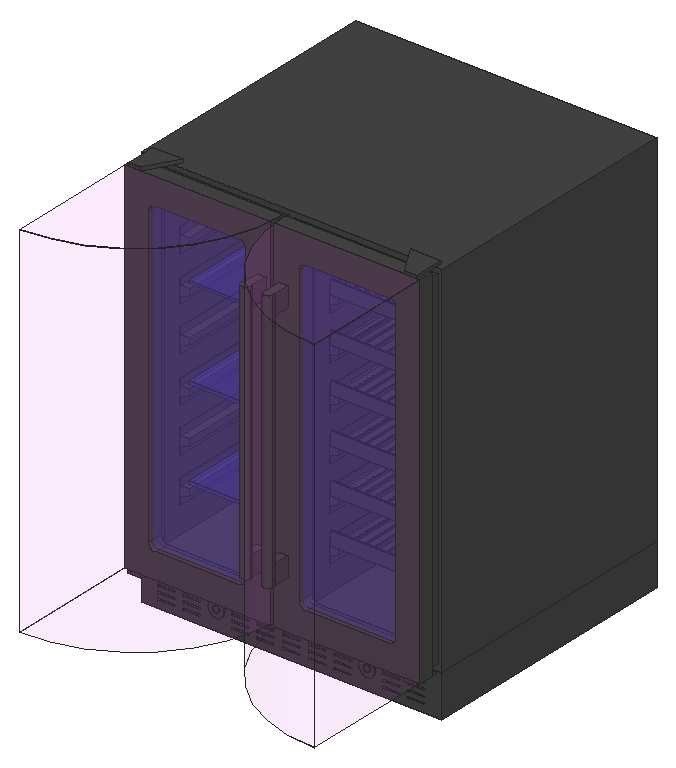
Revit family "QF_Summit_ALFD24WBV_Freestanding_Dual_Zone_Wine", category Specialty Equipment, Revit 2020
Family settings
  Round Connector Dimension = Use Diameter
  Part Type = Normal
  Work Plane-Based = No
  Always vertical = Yes
  Cut with Voids When Loaded = No
  Shared = No
  Room Calculation Point = No
Parameters
  Weight in Pounds = 105
  Watts = Volts * FL Amps  # 115 W
  Volts = 115 V
  URL Cutsheet = ""
  Specification by User = ""
  Specification by Manufacturer = ""
  Show Clearance [instance] = yes
  Serial Number = ""
  Seismic Rating = ""
  SMACNA No = ""
  Revision Code = ""
  Refrigerant Volume = 0.00 kip
  Refrigerant Type = "R600a"
  Phase = 1
  Number of Poles = 1
  NAFEM Spec ID Number = ""
  Model = "ALFD24WBV"
  Min Ckt Ampacity = 0 A
  Max Overcurrent Protection = 0 A
  Masterspec = ""
  Manufacturer = "Summit"
  Length = 23.38"
  Item Number = ""
  Installed By = ""
  Identify Quantity as Lot = yes
  Height = 32"
  HP = ""
  Furnished By = ""
  Foodservice Equipment Identifier = yes
  FL Amps = 1 A
  Electrical Remarks = ""
  Electric Connection Type = ""
  Elec Conn RI Height = 0"
  Elec Conn Connection Height = 0"
  Description = "Freestanding Dual Zone Wine"
  Depth = 22 3/4"
  Default Elevation = 0"
  Cycle = 60 Hz
  Conn Plug = ""
  Conn Conduit = yes
  CSI MasterFormat = ""
  BTUH = 0.0 Btu/h
  Apparent Power = if(Phase = 3, Volts * FL Amps * 1.73, Volts * FL Amps)  # 115 VA
Reference planes (in)
  plane 1 "BACK": y = 0
  plane 2: z = 0
  plane 3 "LEFT": x = 0
  plane 4 "RIGHT": x = 23.38
  plane 5 "FRONT": y = -22.75
  plane 6 "TOP": z = 32
  plane 7 "Center Y": x = 11.69
  plane 8 "Center X": y = -11.375
Dimensions and locks (in)
  equal spacing: plane 3 "LEFT", plane 7 "Center Y", plane 4 "RIGHT"
  "Length": plane 3 "LEFT" to plane 4 "RIGHT"
  equal spacing: plane 5 "FRONT", plane 8 "Center X", plane 1 "BACK"
  "Depth": plane 5 "FRONT" to plane 1 "BACK"
  "Height": plane 6 "TOP" to level
  aligned and locked: level to plane 2
Nested families (in)
  nested 1: "ALFD24WBV" at (0, 0, 0), Show Clearance <- "Show Clearance", type "ALFD24WBV"
    with Show Clearance yes
Connectors (in)
  electrical at (20.4544, 0.03125, 2.13819), driven by "Volts", driven by "Watts"
    settings: on nested 1, index 1, voltage 115 V, apparent load 115 VA, apparent load phase1 0 VA, apparent load phase2 0 VA, apparent load phase3 0 VA, power factor 1, load classification "Other", number of poles 1, system type 30, power factor state 1, is connector primary yes, connector utility no, sub classification motor no, connector description "ELECTRICAL CONNECTION'"
Definition of nested family "ALFD24WBV"
  Parameters (values of type "ALFD24WBV")
    Weight in Pounds = 0
    URL Cutsheet = ""
    Specification by User = ""
    Specification by Manufacturer = ""
    Show Clearance [instance] = yes
    Serial Number = ""
    Seismic Rating = ""
    SMACNA No = ""
    Revision Code = ""
    NAFEM Spec ID Number = ""
    Masterspec = ""
    Length = 23.38"
    Item Number = ""
    Installed By = ""
    Identify Quantity as Lot = yes
    Height = 32"
    Furnished By = ""
    Foodservice Equipment Identifier = yes
    Depth = 22 3/4"
    Default Elevation = 0"
    CSI MasterFormat = ""
  Reference planes (in)
    plane 1 "BACK": y = 0
    plane 2: z = 0
    plane 3 "LEFT": x = 0
    plane 4 "RIGHT": x = 23.38
    plane 5 "FRONT": y = -22.75
    plane 6 "TOP": z = 32
    plane 7 "Center Y": x = 11.69
    plane 8 "Center X": y = -11.375
    plane 9: y = -24.625
    plane 10: y = -33
  Forms (in)
    Extrusion 1, solid
      sketch origin (-4.53419, -180, 0.625) x (-1, 0, 0) y (0, -1, 0)
        loop
          line (-4.53419, -180) -> (-4.53419, -159.125) -> (-27.91419, -159.125) -> (-27.91419, -180) -> (-4.53419, -180)
      from 0 to 3.25
    Extrusion 2, solid
      sketch origin (-4.53419, -180, 3.875) x (-1, 0, 0) y (0, -1, 0)
        loop
          line (-4.53419, -180) -> (-4.53419, -159.125) -> (-27.91419, -159.125) -> (-27.91419, -180) -> (-4.53419, -180)
      from 0 to 28.125
    Extrusion 3, solid
      sketch origin (-4.53419, -180, 3.875) x (-1, 0, 0) y (0, -1, 0)
        loop
          line (-4.75987, -158.40391) -> (-4.75987, -157.25) -> (-16.09919, -157.25) -> (-16.09919, -158.40391) -> (-4.75987, -158.40391)
        loop
          line (-27.67385, -158.40391) -> (-16.34919, -158.40391) -> (-16.34919, -157.25) -> (-27.67385, -157.25) -> (-27.67385, -158.40391)
      from 0 to 28.125
    Extrusion 4, solid
      sketch origin (-4.53419, -180, 4.375) x (-1, 0, 0) y (0, -1, 0)
        loop
          line (-15.97419, -159.125) -> (-4.88487, -159.125) -> (-4.88487, -158.40391) -> (-15.97419, -158.40391) -> (-15.97419, -159.125)
        loop
          line (-16.47419, -159.125) -> (-16.47419, -158.40391) -> (-27.56351, -158.40391) -> (-27.56351, -159.125) -> (-16.47419, -159.125)
      from 0 to 27.22908
    Extrusion 5, void
      sketch origin (-2.37758, -180, 5.24124) x (-1, 0, 0) y (0, -1, 0)
        loop
          arc (-4.58542, -176.55629) -> (-4.23187, -176.40984) -> (-4.08542, -176.05629) r 0.5
          line (-4.08542, -176.05629) -> (-4.08542, -158.40391) -> (-12.39792, -158.40391) -> (-12.39792, -176.55629) -> (-4.58542, -176.55629)
        loop
          line (-23.61224, -176.55629) -> (-15.73724, -176.55629) -> (-15.73724, -158.40391) -> (-24.11224, -158.40391) -> (-24.11224, -176.05629)
          arc (-24.11224, -176.05629) -> (-23.9658, -176.40984) -> (-23.61224, -176.55629) r 0.5
      from 0 to 25.34776
    Extrusion 6, void
      sketch origin (11.26167, -22.75, 3.875) x (1, 0, 0) y (0, 0, -1)
        loop
          line (-8.67728, -26.08924) -> (-2.17728, -26.08924)
          arc (-2.17728, -26.08924) -> (-1.82373, -25.94279) -> (-1.67728, -25.58924) r 0.5
          line (-1.67728, -25.58924) -> (-1.67728, -2.46424)
          arc (-1.67728, -2.46424) -> (-1.82373, -2.11068) -> (-2.17728, -1.96424) r 0.5
          line (-2.17728, -1.96424) -> (-8.67728, -1.96424)
          arc (-8.67728, -1.96424) -> (-9.03084, -2.11068) -> (-9.17728, -2.46424) r 0.5
          line (-9.17728, -2.46424) -> (-9.17728, -25.58924)
          arc (-9.17728, -25.58924) -> (-9.03084, -25.94279) -> (-8.67728, -26.08924) r 0.5
        loop
          arc (9.53394, -26.08924) -> (9.8875, -25.94279) -> (10.03394, -25.58924) r 0.5
          line (10.03394, -25.58924) -> (10.03394, -2.46424)
          arc (10.03394, -2.46424) -> (9.8875, -2.11068) -> (9.53394, -1.96424) r 0.5
          line (9.53394, -1.96424) -> (3.03394, -1.96424)
          arc (3.03394, -1.96424) -> (2.68039, -2.11068) -> (2.53394, -2.46424) r 0.5
          line (2.53394, -2.46424) -> (2.53394, -25.58924)
          arc (2.53394, -25.58924) -> (2.68039, -25.94279) -> (3.03394, -26.08924) r 0.5
          line (3.03394, -26.08924) -> (9.53394, -26.08924)
      from 0 to 1.15391
    Extrusion 7, solid
      sketch origin (0, -19.36326, 36.07583) x (0, 0, 1) y (1, 0, 0)
        loop
          line (-9.35661, 1.70784) -> (-9.35661, 1.83284) -> (-9.85661, 1.83284) -> (-9.85661, 2.51116) -> (-10.35661, 2.51116) -> (-10.6035, 1.83284) -> (-11.19378, 1.83284) -> (-11.19378, 1.70784) -> (-9.35661, 1.70784)
        loop
          line (-12.88786, 1.70784) -> (-12.88786, 1.83284) -> (-13.38786, 1.83284) -> (-13.38786, 2.51116) -> (-13.88786, 2.51116) -> (-14.13475, 1.83284) -> (-14.72503, 1.83284) -> (-14.72503, 1.70784) -> (-12.88786, 1.70784)
        loop
          line (-16.32819, 1.70784) -> (-16.32819, 1.83284) -> (-16.82819, 1.83284) -> (-16.82819, 2.51116) -> (-17.32819, 2.51116) -> (-17.57508, 1.83284) -> (-18.16536, 1.83284) -> (-18.16536, 1.70784) -> (-16.32819, 1.70784)
        loop
          line (-19.89069, 1.70784) -> (-19.89069, 1.83284) -> (-20.39069, 1.83284) -> (-20.39069, 2.51116) -> (-20.89069, 2.51116) -> (-21.13758, 1.83284) -> (-21.72786, 1.83284) -> (-21.72786, 1.70784) -> (-19.89069, 1.70784)
        loop
          line (-23.35944, 1.70784) -> (-23.35944, 1.83284) -> (-23.85944, 1.83284) -> (-23.85944, 2.51116) -> (-24.35944, 2.51116) -> (-24.60633, 1.83284) -> (-25.19661, 1.83284) -> (-25.19661, 1.70784) -> (-23.35944, 1.70784)
        loop
          line (-26.86704, 1.70784) -> (-26.86704, 1.83284) -> (-27.36704, 1.83284) -> (-27.36704, 2.51116) -> (-27.86704, 2.51116) -> (-28.11392, 1.83284) -> (-28.7042, 1.83284) -> (-28.7042, 1.70784) -> (-26.86704, 1.70784)
        loop
          line (-9.35661, 10.02034) -> (-11.19378, 10.02034) -> (-11.19378, 9.89534) -> (-10.6035, 9.89534) -> (-10.35661, 9.21702) -> (-9.85661, 9.21702) -> (-9.85661, 9.89534) -> (-9.35661, 9.89534) -> (-9.35661, 10.02034)
        loop
          line (-12.88786, 10.02034) -> (-14.72503, 10.02034) -> (-14.72503, 9.89534) -> (-14.13475, 9.89534) -> (-13.88786, 9.21702) -> (-13.38786, 9.21702) -> (-13.38786, 9.89534) -> (-12.88786, 9.89534) -> (-12.88786, 10.02034)
        loop
          line (-16.32819, 10.02034) -> (-18.16536, 10.02034) -> (-18.16536, 9.89534) -> (-17.57508, 9.89534) -> (-17.32819, 9.21702) -> (-16.82819, 9.21702) -> (-16.82819, 9.89534) -> (-16.32819, 9.89534) -> (-16.32819, 10.02034)
        loop
          line (-19.89069, 10.02034) -> (-21.72786, 10.02034) -> (-21.72786, 9.89534) -> (-21.13758, 9.89534) -> (-20.89069, 9.21702) -> (-20.39069, 9.21702) -> (-20.39069, 9.89534) -> (-19.89069, 9.89534) -> (-19.89069, 10.02034)
        loop
          line (-23.35944, 10.02034) -> (-25.19661, 10.02034) -> (-25.19661, 9.89534) -> (-24.60633, 9.89534) -> (-24.35944, 9.21702) -> (-23.85944, 9.21702) -> (-23.85944, 9.89534) -> (-23.35944, 9.89534) -> (-23.35944, 10.02034)
        loop
          line (-26.86704, 10.02034) -> (-28.7042, 10.02034) -> (-28.7042, 9.89534) -> (-28.11392, 9.89534) -> (-27.86704, 9.21702) -> (-27.36704, 9.21702) -> (-27.36704, 9.89534) -> (-26.86704, 9.89534) -> (-26.86704, 10.02034)
        loop
          line (-9.35661, 21.73466) -> (-11.19378, 21.73466) -> (-11.19378, 21.60966) -> (-10.6035, 21.60966) -> (-10.35661, 20.93134) -> (-9.85661, 20.93134) -> (-9.85661, 21.60966) -> (-9.35661, 21.60966) -> (-9.35661, 21.73466)
        loop
          line (-12.88786, 21.73466) -> (-14.72503, 21.73466) -> (-14.72503, 21.60966) -> (-14.13475, 21.60966) -> (-13.88786, 20.93134) -> (-13.38786, 20.93134) -> (-13.38786, 21.60966) -> (-12.88786, 21.60966) -> (-12.88786, 21.73466)
        loop
          line (-16.32819, 21.73466) -> (-18.16536, 21.73466) -> (-18.16536, 21.60966) -> (-17.57508, 21.60966) -> (-17.32819, 20.93134) -> (-16.82819, 20.93134) -> (-16.82819, 21.60966) -> (-16.32819, 21.60966) -> (-16.32819, 21.73466)
        loop
          line (-19.89069, 21.73466) -> (-21.72786, 21.73466) -> (-21.72786, 21.60966) -> (-21.13758, 21.60966) -> (-20.89069, 20.93134) -> (-20.39069, 20.93134) -> (-20.39069, 21.60966) -> (-19.89069, 21.60966) -> (-19.89069, 21.73466)
        loop
          line (-23.35944, 21.73466) -> (-25.19661, 21.73466) -> (-25.19661, 21.60966) -> (-24.60633, 21.60966) -> (-24.35944, 20.93134) -> (-23.85944, 20.93134) -> (-23.85944, 21.60966) -> (-23.35944, 21.60966) -> (-23.35944, 21.73466)
        loop
          line (-26.86704, 21.73466) -> (-28.7042, 21.73466) -> (-28.7042, 21.60966) -> (-28.11392, 21.60966) -> (-27.86704, 20.93134) -> (-27.36704, 20.93134) -> (-27.36704, 21.60966) -> (-26.86704, 21.60966) -> (-26.86704, 21.73466)
        loop
          line (-9.35661, 13.35966) -> (-9.35661, 13.48466) -> (-9.85661, 13.48466) -> (-9.85661, 14.16298) -> (-10.35661, 14.16298) -> (-10.6035, 13.48466) -> (-11.19378, 13.48466) -> (-11.19378, 13.35966) -> (-9.35661, 13.35966)
        loop
          line (-12.88786, 13.35966) -> (-12.88786, 13.48466) -> (-13.38786, 13.48466) -> (-13.38786, 14.16298) -> (-13.88786, 14.16298) -> (-14.13475, 13.48466) -> (-14.72503, 13.48466) -> (-14.72503, 13.35966) -> (-12.88786, 13.35966)
        loop
          line (-16.32819, 13.35966) -> (-16.32819, 13.48466) -> (-16.82819, 13.48466) -> (-16.82819, 14.16298) -> (-17.32819, 14.16298) -> (-17.57508, 13.48466) -> (-18.16536, 13.48466) -> (-18.16536, 13.35966) -> (-16.32819, 13.35966)
        loop
          line (-19.89069, 13.35966) -> (-19.89069, 13.48466) -> (-20.39069, 13.48466) -> (-20.39069, 14.16298) -> (-20.89069, 14.16298) -> (-21.13758, 13.48466) -> (-21.72786, 13.48466) -> (-21.72786, 13.35966) -> (-19.89069, 13.35966)
        loop
          line (-23.35944, 13.35966) -> (-23.35944, 13.48466) -> (-23.85944, 13.48466) -> (-23.85944, 14.16298) -> (-24.35944, 14.16298) -> (-24.60633, 13.48466) -> (-25.19661, 13.48466) -> (-25.19661, 13.35966) -> (-23.35944, 13.35966)
        loop
          line (-26.86704, 13.35966) -> (-26.86704, 13.48466) -> (-27.36704, 13.48466) -> (-27.36704, 14.16298) -> (-27.86704, 14.16298) -> (-28.11392, 13.48466) -> (-28.7042, 13.48466) -> (-28.7042, 13.35966) -> (-26.86704, 13.35966)
      from 0 to 14.42973
    Extrusion 8, solid
      sketch origin (1.83284, -19.36326, 22.68796) x (1, 0, 0) y (0, 1, 0)
        loop
          line (0.30712, 13.90637) -> (0.30712, 0.40637) -> (7.80712, 0.40637) -> (7.80712, 13.90637) -> (0.30712, 13.90637)
      from 0 to 0.25
    Extrusion 9, solid
      sketch origin (1.83284, -19.36326, 15.68513) x (1, 0, 0) y (0, 1, 0)
        loop
          line (0.30712, 13.90637) -> (0.30712, 0.40637) -> (7.80712, 0.40637) -> (7.80712, 13.90637) -> (0.30712, 13.90637)
      from 0 to 0.25
    Extrusion 10, solid
      sketch origin (1.83284, -19.36326, 8.70879) x (1, 0, 0) y (0, 1, 0)
        loop
          line (0.30712, 13.90637) -> (0.30712, 0.40637) -> (7.80712, 0.40637) -> (7.80712, 13.90637) -> (0.30712, 13.90637)
      from 0 to 0.25
    Extrusion 11, solid
      sketch origin (0, -19.36326, 36.07583) x (0, 0, -1) y (1, 0, 0)
        loop
          line (13.38786, 13.57412) -> (13.38786, 21.48466) -> (12.37101, 21.48466) -> (12.37101, 13.57412) -> (13.38786, 13.57412)
        loop
          line (16.82819, 13.57412) -> (16.82819, 21.48466) -> (15.87384, 21.48466) -> (15.87384, 13.57412) -> (16.82819, 13.57412)
        loop
          line (20.39069, 13.57412) -> (20.39069, 21.48466) -> (19.37384, 21.48466) -> (19.37384, 13.57412) -> (20.39069, 13.57412)
        loop
          line (23.85944, 13.57412) -> (23.85944, 21.48466) -> (22.84259, 21.48466) -> (22.84259, 13.57412) -> (23.85944, 13.57412)
        loop
          line (27.36704, 13.57412) -> (27.36704, 21.48466) -> (26.35018, 21.48466) -> (26.35018, 13.57412) -> (27.36704, 13.57412)
        loop
          line (9.85661, 13.57412) -> (9.85661, 21.48466) -> (8.83976, 21.48466) -> (8.83976, 13.57412) -> (9.85661, 13.57412)
      from 0 to 0.125
    Extrusion 12, solid
      sketch origin (13.48466, -19.36326, 22.68796) x (0, -1, 0) y (-1, 0, 0)
        loop
          line (-14.42973, -0.33916) -> (-14.42973, -0.83941) -> (0, -0.83941) -> (0, -0.33916) -> (-14.42973, -0.33916)
        loop
          line (-14.42973, -1.08916) -> (-14.42973, -1.58941) -> (0, -1.58941) -> (0, -1.08916) -> (-14.42973, -1.08916)
        loop
          line (-14.42973, -1.83916) -> (-14.42973, -2.33941) -> (0, -2.33941) -> (0, -1.83916) -> (-14.42973, -1.83916)
        loop
          line (-14.42973, -2.77666) -> (-14.42973, -3.27691) -> (0, -3.27691) -> (0, -2.77666) -> (-14.42973, -2.77666)
        loop
          line (-14.42973, -3.52666) -> (-14.42973, -4.02691) -> (0, -4.02691) -> (0, -3.52666) -> (-14.42973, -3.52666)
        loop
          line (-14.42973, -4.27666) -> (-14.42973, -4.77691) -> (0, -4.77691) -> (0, -4.27666) -> (-14.42973, -4.27666)
        loop
          line (-14.42973, -5.02666) -> (-14.42973, -5.52691) -> (0, -5.52691) -> (0, -5.02666) -> (-14.42973, -5.02666)
        loop
          line (-14.42973, -5.77666) -> (-14.42973, -6.27691) -> (0, -6.27691) -> (0, -5.77666) -> (-14.42973, -5.77666)
        loop
          line (-14.42973, -6.52666) -> (-14.42973, -7.02691) -> (0, -7.02691) -> (0, -6.52666) -> (-14.42973, -6.52666)
        loop
          line (-14.42973, -7.27666) -> (-14.42973, -7.77691) -> (0, -7.77691) -> (0, -7.27666) -> (-14.42973, -7.27666)
      from 0 to -0.0625
    Extrusion 13, solid
      sketch origin (13.48466, -19.36326, 26.21921) x (0, -1, 0) y (-1, 0, 0)
        loop
          line (-14.42973, -0.33916) -> (-14.42973, -0.83941) -> (0, -0.83941) -> (0, -0.33916) -> (-14.42973, -0.33916)
        loop
          line (-14.42973, -1.08916) -> (-14.42973, -1.58941) -> (0, -1.58941) -> (0, -1.08916) -> (-14.42973, -1.08916)
        loop
          line (-14.42973, -1.83916) -> (-14.42973, -2.33941) -> (0, -2.33941) -> (0, -1.83916) -> (-14.42973, -1.83916)
        loop
          line (-14.42973, -2.77666) -> (-14.42973, -3.27691) -> (0, -3.27691) -> (0, -2.77666) -> (-14.42973, -2.77666)
        loop
          line (-14.42973, -3.52666) -> (-14.42973, -4.02691) -> (0, -4.02691) -> (0, -3.52666) -> (-14.42973, -3.52666)
        loop
          line (-14.42973, -4.27666) -> (-14.42973, -4.77691) -> (0, -4.77691) -> (0, -4.27666) -> (-14.42973, -4.27666)
        loop
          line (-14.42973, -5.02666) -> (-14.42973, -5.52691) -> (0, -5.52691) -> (0, -5.02666) -> (-14.42973, -5.02666)
        loop
          line (-14.42973, -5.77666) -> (-14.42973, -6.27691) -> (0, -6.27691) -> (0, -5.77666) -> (-14.42973, -5.77666)
        loop
          line (-14.42973, -6.52666) -> (-14.42973, -7.02691) -> (0, -7.02691) -> (0, -6.52666) -> (-14.42973, -6.52666)
        loop
          line (-14.42973, -7.27666) -> (-14.42973, -7.77691) -> (0, -7.77691) -> (0, -7.27666) -> (-14.42973, -7.27666)
      from 0 to -0.0625
    Extrusion 14, solid
      sketch origin (13.48466, -19.36326, 19.24763) x (0, -1, 0) y (-1, 0, 0)
        loop
          line (-14.42973, -0.33916) -> (-14.42973, -0.83941) -> (0, -0.83941) -> (0, -0.33916) -> (-14.42973, -0.33916)
        loop
          line (-14.42973, -1.08916) -> (-14.42973, -1.58941) -> (0, -1.58941) -> (0, -1.08916) -> (-14.42973, -1.08916)
        loop
          line (-14.42973, -1.83916) -> (-14.42973, -2.33941) -> (0, -2.33941) -> (0, -1.83916) -> (-14.42973, -1.83916)
        loop
          line (-14.42973, -2.77666) -> (-14.42973, -3.27691) -> (0, -3.27691) -> (0, -2.77666) -> (-14.42973, -2.77666)
        loop
          line (-14.42973, -3.52666) -> (-14.42973, -4.02691) -> (0, -4.02691) -> (0, -3.52666) -> (-14.42973, -3.52666)
        loop
          line (-14.42973, -4.27666) -> (-14.42973, -4.77691) -> (0, -4.77691) -> (0, -4.27666) -> (-14.42973, -4.27666)
        loop
          line (-14.42973, -5.02666) -> (-14.42973, -5.52691) -> (0, -5.52691) -> (0, -5.02666) -> (-14.42973, -5.02666)
        loop
          line (-14.42973, -5.77666) -> (-14.42973, -6.27691) -> (0, -6.27691) -> (0, -5.77666) -> (-14.42973, -5.77666)
        loop
          line (-14.42973, -6.52666) -> (-14.42973, -7.02691) -> (0, -7.02691) -> (0, -6.52666) -> (-14.42973, -6.52666)
        loop
          line (-14.42973, -7.27666) -> (-14.42973, -7.77691) -> (0, -7.77691) -> (0, -7.27666) -> (-14.42973, -7.27666)
      from 0 to -0.0625
    Extrusion 15, solid
      sketch origin (13.48466, -19.36326, 15.68513) x (0, -1, 0) y (-1, 0, 0)
        loop
          line (-14.42973, -0.33916) -> (-14.42973, -0.83941) -> (0, -0.83941) -> (0, -0.33916) -> (-14.42973, -0.33916)
        loop
          line (-14.42973, -1.08916) -> (-14.42973, -1.58941) -> (0, -1.58941) -> (0, -1.08916) -> (-14.42973, -1.08916)
        loop
          line (-14.42973, -1.83916) -> (-14.42973, -2.33941) -> (0, -2.33941) -> (0, -1.83916) -> (-14.42973, -1.83916)
        loop
          line (-14.42973, -2.77666) -> (-14.42973, -3.27691) -> (0, -3.27691) -> (0, -2.77666) -> (-14.42973, -2.77666)
        loop
          line (-14.42973, -3.52666) -> (-14.42973, -4.02691) -> (0, -4.02691) -> (0, -3.52666) -> (-14.42973, -3.52666)
        loop
          line (-14.42973, -4.27666) -> (-14.42973, -4.77691) -> (0, -4.77691) -> (0, -4.27666) -> (-14.42973, -4.27666)
        loop
          line (-14.42973, -5.02666) -> (-14.42973, -5.52691) -> (0, -5.52691) -> (0, -5.02666) -> (-14.42973, -5.02666)
        loop
          line (-14.42973, -5.77666) -> (-14.42973, -6.27691) -> (0, -6.27691) -> (0, -5.77666) -> (-14.42973, -5.77666)
        loop
          line (-14.42973, -6.52666) -> (-14.42973, -7.02691) -> (0, -7.02691) -> (0, -6.52666) -> (-14.42973, -6.52666)
        loop
          line (-14.42973, -7.27666) -> (-14.42973, -7.77691) -> (0, -7.77691) -> (0, -7.27666) -> (-14.42973, -7.27666)
      from 0 to -0.0625
    Extrusion 16, solid
      sketch origin (13.48466, -19.36326, 12.21638) x (0, -1, 0) y (-1, 0, 0)
        loop
          line (-14.42973, -0.33916) -> (-14.42973, -0.83941) -> (0, -0.83941) -> (0, -0.33916) -> (-14.42973, -0.33916)
        loop
          line (-14.42973, -1.08916) -> (-14.42973, -1.58941) -> (0, -1.58941) -> (0, -1.08916) -> (-14.42973, -1.08916)
        loop
          line (-14.42973, -1.83916) -> (-14.42973, -2.33941) -> (0, -2.33941) -> (0, -1.83916) -> (-14.42973, -1.83916)
        loop
          line (-14.42973, -2.77666) -> (-14.42973, -3.27691) -> (0, -3.27691) -> (0, -2.77666) -> (-14.42973, -2.77666)
        loop
          line (-14.42973, -3.52666) -> (-14.42973, -4.02691) -> (0, -4.02691) -> (0, -3.52666) -> (-14.42973, -3.52666)
        loop
          line (-14.42973, -4.27666) -> (-14.42973, -4.77691) -> (0, -4.77691) -> (0, -4.27666) -> (-14.42973, -4.27666)
        loop
          line (-14.42973, -5.02666) -> (-14.42973, -5.52691) -> (0, -5.52691) -> (0, -5.02666) -> (-14.42973, -5.02666)
        loop
          line (-14.42973, -5.77666) -> (-14.42973, -6.27691) -> (0, -6.27691) -> (0, -5.77666) -> (-14.42973, -5.77666)
        loop
          line (-14.42973, -6.52666) -> (-14.42973, -7.02691) -> (0, -7.02691) -> (0, -6.52666) -> (-14.42973, -6.52666)
        loop
          line (-14.42973, -7.27666) -> (-14.42973, -7.77691) -> (0, -7.77691) -> (0, -7.27666) -> (-14.42973, -7.27666)
      from 0 to -0.0625
    Extrusion 17, solid
      sketch origin (13.48466, -19.36326, 8.70879) x (0, -1, 0) y (-1, 0, 0)
        loop
          line (-14.42973, -0.33916) -> (-14.42973, -0.83941) -> (0, -0.83941) -> (0, -0.33916) -> (-14.42973, -0.33916)
        loop
          line (-14.42973, -1.08916) -> (-14.42973, -1.58941) -> (0, -1.58941) -> (0, -1.08916) -> (-14.42973, -1.08916)
        loop
          line (-14.42973, -1.83916) -> (-14.42973, -2.33941) -> (0, -2.33941) -> (0, -1.83916) -> (-14.42973, -1.83916)
        loop
          line (-14.42973, -2.77666) -> (-14.42973, -3.27691) -> (0, -3.27691) -> (0, -2.77666) -> (-14.42973, -2.77666)
        loop
          line (-14.42973, -3.52666) -> (-14.42973, -4.02691) -> (0, -4.02691) -> (0, -3.52666) -> (-14.42973, -3.52666)
        loop
          line (-14.42973, -4.27666) -> (-14.42973, -4.77691) -> (0, -4.77691) -> (0, -4.27666) -> (-14.42973, -4.27666)
        loop
          line (-14.42973, -5.02666) -> (-14.42973, -5.52691) -> (0, -5.52691) -> (0, -5.02666) -> (-14.42973, -5.02666)
        loop
          line (-14.42973, -5.77666) -> (-14.42973, -6.27691) -> (0, -6.27691) -> (0, -5.77666) -> (-14.42973, -5.77666)
        loop
          line (-14.42973, -6.52666) -> (-14.42973, -7.02691) -> (0, -7.02691) -> (0, -6.52666) -> (-14.42973, -6.52666)
        loop
          line (-14.42973, -7.27666) -> (-14.42973, -7.77691) -> (0, -7.77691) -> (0, -7.27666) -> (-14.42973, -7.27666)
      from 0 to -0.0625
    Extrusion 18, solid
      sketch origin (0, -22.17304, 32) x (0, 0, 1) y (1, 0, 0)
        loop
          line (-26.16076, 9.08439) -> (-26.16076, 2.58439)
          arc (-26.16076, 2.58439) -> (-26.01432, 2.23083) -> (-25.66076, 2.08439) r 0.5
          line (-25.66076, 2.08439) -> (-2.53576, 2.08439)
          arc (-2.53576, 2.08439) -> (-2.18221, 2.23083) -> (-2.03576, 2.58439) r 0.5
          line (-2.03576, 2.58439) -> (-2.03576, 9.08439)
          arc (-2.03576, 9.08439) -> (-2.18221, 9.43794) -> (-2.53576, 9.58439) r 0.5
          line (-2.53576, 9.58439) -> (-25.66076, 9.58439)
          arc (-25.66076, 9.58439) -> (-26.01432, 9.43794) -> (-26.16076, 9.08439) r 0.5
        loop
          line (-26.16076, 20.79561) -> (-26.16076, 14.29561)
          arc (-26.16076, 14.29561) -> (-26.01432, 13.94206) -> (-25.66076, 13.79561) r 0.5
          line (-25.66076, 13.79561) -> (-2.53576, 13.79561)
          arc (-2.53576, 13.79561) -> (-2.18221, 13.94206) -> (-2.03576, 14.29561) r 0.5
          line (-2.03576, 14.29561) -> (-2.03576, 20.79561)
          arc (-2.03576, 20.79561) -> (-2.18221, 21.14917) -> (-2.53576, 21.29561) r 0.5
          line (-2.53576, 21.29561) -> (-25.66076, 21.29561)
          arc (-25.66076, 21.29561) -> (-26.01432, 21.14917) -> (-26.16076, 20.79561) r 0.5
      from -0.25 to 0.25
    Extrusion 19, void
      sketch origin (23.38, -20.875, 0.625) x (1, 0, 0) y (0, 0, -1)
        loop
          line (-22.05165, -2.73904) -> (-20.82664, -2.73904)
          arc (-20.82664, -2.73904) -> (-20.73289, -2.64529) -> (-20.82664, -2.55154) r 0.09375
          line (-20.82664, -2.55154) -> (-22.05165, -2.55154)
          arc (-22.05165, -2.55154) -> (-22.1454, -2.64529) -> (-22.05165, -2.73904) r 0.09375
        loop
          line (-22.05165, -2.23904) -> (-20.82664, -2.23904)
          arc (-20.82664, -2.23904) -> (-20.73289, -2.14529) -> (-20.82664, -2.05154) r 0.09375
          line (-20.82664, -2.05154) -> (-22.05165, -2.05154)
          arc (-22.05165, -2.05154) -> (-22.1454, -2.14529) -> (-22.05165, -2.23904) r 0.09375
        loop
          line (-22.05165, -1.73904) -> (-20.82664, -1.73904)
          arc (-20.82664, -1.73904) -> (-20.73289, -1.64529) -> (-20.82664, -1.55154) r 0.09375
          line (-20.82664, -1.55154) -> (-22.05165, -1.55154)
          arc (-22.05165, -1.55154) -> (-22.1454, -1.64529) -> (-22.05165, -1.73904) r 0.09375
        loop
          line (-22.05165, -1.23904) -> (-20.82664, -1.23904)
          arc (-20.82664, -1.23904) -> (-20.73289, -1.14529) -> (-20.82664, -1.05154) r 0.09375
          line (-20.82664, -1.05154) -> (-22.05165, -1.05154)
          arc (-22.05165, -1.05154) -> (-22.1454, -1.14529) -> (-22.05165, -1.23904) r 0.09375
        loop
          line (-22.05165, -0.73904) -> (-20.82664, -0.73904)
          arc (-20.82664, -0.73904) -> (-20.73289, -0.64529) -> (-20.82664, -0.55154) r 0.09375
          line (-20.82664, -0.55154) -> (-22.05165, -0.55154)
          arc (-22.05165, -0.55154) -> (-22.1454, -0.64529) -> (-22.05165, -0.73904) r 0.09375
        loop
          line (-20.05165, -2.73904) -> (-18.82664, -2.73904)
          arc (-18.82664, -2.73904) -> (-18.73289, -2.64529) -> (-18.82664, -2.55154) r 0.09375
          line (-18.82664, -2.55154) -> (-20.05165, -2.55154)
          arc (-20.05165, -2.55154) -> (-20.1454, -2.64529) -> (-20.05165, -2.73904) r 0.09375
        loop
          line (-20.05165, -2.23904) -> (-18.82664, -2.23904)
          arc (-18.82664, -2.23904) -> (-18.73289, -2.14529) -> (-18.82664, -2.05154) r 0.09375
          line (-18.82664, -2.05154) -> (-20.05165, -2.05154)
          arc (-20.05165, -2.05154) -> (-20.1454, -2.14529) -> (-20.05165, -2.23904) r 0.09375
        loop
          line (-20.05165, -1.73904) -> (-18.82664, -1.73904)
          arc (-18.82664, -1.73904) -> (-18.73289, -1.64529) -> (-18.82664, -1.55154) r 0.09375
          line (-18.82664, -1.55154) -> (-20.05165, -1.55154)
          arc (-20.05165, -1.55154) -> (-20.1454, -1.64529) -> (-20.05165, -1.73904) r 0.09375
        loop
          line (-20.05165, -1.23904) -> (-18.82664, -1.23904)
          arc (-18.82664, -1.23904) -> (-18.73289, -1.14529) -> (-18.82664, -1.05154) r 0.09375
          line (-18.82664, -1.05154) -> (-20.05165, -1.05154)
          arc (-20.05165, -1.05154) -> (-20.1454, -1.14529) -> (-20.05165, -1.23904) r 0.09375
        loop
          line (-20.05165, -0.73904) -> (-18.82664, -0.73904)
          arc (-18.82664, -0.73904) -> (-18.73289, -0.64529) -> (-18.82664, -0.55154) r 0.09375
          line (-18.82664, -0.55154) -> (-20.05165, -0.55154)
          arc (-20.05165, -0.55154) -> (-20.1454, -0.64529) -> (-20.05165, -0.73904) r 0.09375
        loop
          line (-16.30165, -2.73904) -> (-15.07664, -2.73904)
          arc (-15.07664, -2.73904) -> (-14.98289, -2.64529) -> (-15.07664, -2.55154) r 0.09375
          line (-15.07664, -2.55154) -> (-16.30165, -2.55154)
          arc (-16.30165, -2.55154) -> (-16.3954, -2.64529) -> (-16.30165, -2.73904) r 0.09375
        loop
          line (-16.30165, -2.23904) -> (-15.07664, -2.23904)
          arc (-15.07664, -2.23904) -> (-14.98289, -2.14529) -> (-15.07664, -2.05154) r 0.09375
          line (-15.07664, -2.05154) -> (-16.30165, -2.05154)
          arc (-16.30165, -2.05154) -> (-16.3954, -2.14529) -> (-16.30165, -2.23904) r 0.09375
        loop
          line (-16.30165, -1.73904) -> (-15.07664, -1.73904)
          arc (-15.07664, -1.73904) -> (-14.98289, -1.64529) -> (-15.07664, -1.55154) r 0.09375
          line (-15.07664, -1.55154) -> (-16.30165, -1.55154)
          arc (-16.30165, -1.55154) -> (-16.3954, -1.64529) -> (-16.30165, -1.73904) r 0.09375
        loop
          line (-16.30165, -1.23904) -> (-15.07664, -1.23904)
          arc (-15.07664, -1.23904) -> (-14.98289, -1.14529) -> (-15.07664, -1.05154) r 0.09375
          line (-15.07664, -1.05154) -> (-16.30165, -1.05154)
          arc (-16.30165, -1.05154) -> (-16.3954, -1.14529) -> (-16.30165, -1.23904) r 0.09375
        loop
          line (-16.30165, -0.73904) -> (-15.07664, -0.73904)
          arc (-15.07664, -0.73904) -> (-14.98289, -0.64529) -> (-15.07664, -0.55154) r 0.09375
          line (-15.07664, -0.55154) -> (-16.30165, -0.55154)
          arc (-16.30165, -0.55154) -> (-16.3954, -0.64529) -> (-16.30165, -0.73904) r 0.09375
        loop
          line (-14.30165, -2.73904) -> (-13.07664, -2.73904)
          arc (-13.07664, -2.73904) -> (-12.98289, -2.64529) -> (-13.07664, -2.55154) r 0.09375
          line (-13.07664, -2.55154) -> (-14.30165, -2.55154)
          arc (-14.30165, -2.55154) -> (-14.3954, -2.64529) -> (-14.30165, -2.73904) r 0.09375
        loop
          line (-14.30165, -2.23904) -> (-13.07664, -2.23904)
          arc (-13.07664, -2.23904) -> (-12.98289, -2.14529) -> (-13.07664, -2.05154) r 0.09375
          line (-13.07664, -2.05154) -> (-14.30165, -2.05154)
          arc (-14.30165, -2.05154) -> (-14.3954, -2.14529) -> (-14.30165, -2.23904) r 0.09375
        loop
          line (-14.30165, -1.73904) -> (-13.07664, -1.73904)
          arc (-13.07664, -1.73904) -> (-12.98289, -1.64529) -> (-13.07664, -1.55154) r 0.09375
          line (-13.07664, -1.55154) -> (-14.30165, -1.55154)
          arc (-14.30165, -1.55154) -> (-14.3954, -1.64529) -> (-14.30165, -1.73904) r 0.09375
        loop
          line (-14.30165, -1.23904) -> (-13.07664, -1.23904)
          arc (-13.07664, -1.23904) -> (-12.98289, -1.14529) -> (-13.07664, -1.05154) r 0.09375
          line (-13.07664, -1.05154) -> (-14.30165, -1.05154)
          arc (-14.30165, -1.05154) -> (-14.3954, -1.14529) -> (-14.30165, -1.23904) r 0.09375
        loop
          line (-14.30165, -0.73904) -> (-13.07664, -0.73904)
          arc (-13.07664, -0.73904) -> (-12.98289, -0.64529) -> (-13.07664, -0.55154) r 0.09375
          line (-13.07664, -0.55154) -> (-14.30165, -0.55154)
          arc (-14.30165, -0.55154) -> (-14.3954, -0.64529) -> (-14.30165, -0.73904) r 0.09375
        loop
          line (-10.30165, -2.73904) -> (-9.07664, -2.73904)
          arc (-9.07664, -2.73904) -> (-8.98289, -2.64529) -> (-9.07664, -2.55154) r 0.09375
          line (-9.07664, -2.55154) -> (-10.30165, -2.55154)
          arc (-10.30165, -2.55154) -> (-10.3954, -2.64529) -> (-10.30165, -2.73904) r 0.09375
        loop
          line (-10.30165, -2.23904) -> (-9.07664, -2.23904)
          arc (-9.07664, -2.23904) -> (-8.98289, -2.14529) -> (-9.07664, -2.05154) r 0.09375
          line (-9.07664, -2.05154) -> (-10.30165, -2.05154)
          arc (-10.30165, -2.05154) -> (-10.3954, -2.14529) -> (-10.30165, -2.23904) r 0.09375
        loop
          line (-10.30165, -1.73904) -> (-9.07664, -1.73904)
          arc (-9.07664, -1.73904) -> (-8.98289, -1.64529) -> (-9.07664, -1.55154) r 0.09375
          line (-9.07664, -1.55154) -> (-10.30165, -1.55154)
          arc (-10.30165, -1.55154) -> (-10.3954, -1.64529) -> (-10.30165, -1.73904) r 0.09375
        loop
          line (-10.30165, -1.23904) -> (-9.07664, -1.23904)
          arc (-9.07664, -1.23904) -> (-8.98289, -1.14529) -> (-9.07664, -1.05154) r 0.09375
          line (-9.07664, -1.05154) -> (-10.30165, -1.05154)
          arc (-10.30165, -1.05154) -> (-10.3954, -1.14529) -> (-10.30165, -1.23904) r 0.09375
        loop
          line (-10.30165, -0.73904) -> (-9.07664, -0.73904)
          arc (-9.07664, -0.73904) -> (-8.98289, -0.64529) -> (-9.07664, -0.55154) r 0.09375
          line (-9.07664, -0.55154) -> (-10.30165, -0.55154)
          arc (-10.30165, -0.55154) -> (-10.3954, -0.64529) -> (-10.30165, -0.73904) r 0.09375
        loop
          line (-8.30165, -2.73904) -> (-7.07664, -2.73904)
          arc (-7.07664, -2.73904) -> (-6.98289, -2.64529) -> (-7.07664, -2.55154) r 0.09375
          line (-7.07664, -2.55154) -> (-8.30165, -2.55154)
          arc (-8.30165, -2.55154) -> (-8.3954, -2.64529) -> (-8.30165, -2.73904) r 0.09375
        loop
          line (-8.30165, -2.23904) -> (-7.07664, -2.23904)
          arc (-7.07664, -2.23904) -> (-6.98289, -2.14529) -> (-7.07664, -2.05154) r 0.09375
          line (-7.07664, -2.05154) -> (-8.30165, -2.05154)
          arc (-8.30165, -2.05154) -> (-8.3954, -2.14529) -> (-8.30165, -2.23904) r 0.09375
        loop
          line (-8.30165, -1.73904) -> (-7.07664, -1.73904)
          arc (-7.07664, -1.73904) -> (-6.98289, -1.64529) -> (-7.07664, -1.55154) r 0.09375
          line (-7.07664, -1.55154) -> (-8.30165, -1.55154)
          arc (-8.30165, -1.55154) -> (-8.3954, -1.64529) -> (-8.30165, -1.73904) r 0.09375
        loop
          line (-8.30165, -1.23904) -> (-7.07664, -1.23904)
          arc (-7.07664, -1.23904) -> (-6.98289, -1.14529) -> (-7.07664, -1.05154) r 0.09375
          line (-7.07664, -1.05154) -> (-8.30165, -1.05154)
          arc (-8.30165, -1.05154) -> (-8.3954, -1.14529) -> (-8.30165, -1.23904) r 0.09375
        loop
          line (-8.30165, -0.73904) -> (-7.07664, -0.73904)
          arc (-7.07664, -0.73904) -> (-6.98289, -0.64529) -> (-7.07664, -0.55154) r 0.09375
          line (-7.07664, -0.55154) -> (-8.30165, -0.55154)
          arc (-8.30165, -0.55154) -> (-8.3954, -0.64529) -> (-8.30165, -0.73904) r 0.09375
        loop
          line (-12.30251, -2.73904) -> (-11.07749, -2.73904)
          arc (-11.07749, -2.73904) -> (-10.98374, -2.64529) -> (-11.07749, -2.55154) r 0.09375
          line (-11.07749, -2.55154) -> (-12.30251, -2.55154)
          arc (-12.30251, -2.55154) -> (-12.39626, -2.64529) -> (-12.30251, -2.73904) r 0.09375
        loop
          line (-12.30251, -2.23904) -> (-11.07749, -2.23904)
          arc (-11.07749, -2.23904) -> (-10.98374, -2.14529) -> (-11.07749, -2.05154) r 0.09375
          line (-11.07749, -2.05154) -> (-12.30251, -2.05154)
          arc (-12.30251, -2.05154) -> (-12.39626, -2.14529) -> (-12.30251, -2.23904) r 0.09375
        loop
          line (-12.30251, -1.73904) -> (-11.07749, -1.73904)
          arc (-11.07749, -1.73904) -> (-10.98374, -1.64529) -> (-11.07749, -1.55154) r 0.09375
          line (-11.07749, -1.55154) -> (-12.30251, -1.55154)
          arc (-12.30251, -1.55154) -> (-12.39626, -1.64529) -> (-12.30251, -1.73904) r 0.09375
        loop
          line (-12.30251, -1.23904) -> (-11.07749, -1.23904)
          arc (-11.07749, -1.23904) -> (-10.98374, -1.14529) -> (-11.07749, -1.05154) r 0.09375
          line (-11.07749, -1.05154) -> (-12.30251, -1.05154)
          arc (-12.30251, -1.05154) -> (-12.39626, -1.14529) -> (-12.30251, -1.23904) r 0.09375
        loop
          line (-12.30251, -0.73904) -> (-11.07749, -0.73904)
          arc (-11.07749, -0.73904) -> (-10.98374, -0.64529) -> (-11.07749, -0.55154) r 0.09375
          line (-11.07749, -0.55154) -> (-12.30251, -0.55154)
          arc (-12.30251, -0.55154) -> (-12.39626, -0.64529) -> (-12.30251, -0.73904) r 0.09375
        loop
          line (-4.55165, -2.73904) -> (-3.32664, -2.73904)
          arc (-3.32664, -2.73904) -> (-3.23289, -2.64529) -> (-3.32664, -2.55154) r 0.09375
          line (-3.32664, -2.55154) -> (-4.55165, -2.55154)
          arc (-4.55165, -2.55154) -> (-4.6454, -2.64529) -> (-4.55165, -2.73904) r 0.09375
        loop
          line (-4.55165, -2.23904) -> (-3.32664, -2.23904)
          arc (-3.32664, -2.23904) -> (-3.23289, -2.14529) -> (-3.32664, -2.05154) r 0.09375
          line (-3.32664, -2.05154) -> (-4.55165, -2.05154)
          arc (-4.55165, -2.05154) -> (-4.6454, -2.14529) -> (-4.55165, -2.23904) r 0.09375
        loop
          line (-4.55165, -1.73904) -> (-3.32664, -1.73904)
          arc (-3.32664, -1.73904) -> (-3.23289, -1.64529) -> (-3.32664, -1.55154) r 0.09375
          line (-3.32664, -1.55154) -> (-4.55165, -1.55154)
          arc (-4.55165, -1.55154) -> (-4.6454, -1.64529) -> (-4.55165, -1.73904) r 0.09375
        loop
          line (-4.55165, -1.23904) -> (-3.32664, -1.23904)
          arc (-3.32664, -1.23904) -> (-3.23289, -1.14529) -> (-3.32664, -1.05154) r 0.09375
          line (-3.32664, -1.05154) -> (-4.55165, -1.05154)
          arc (-4.55165, -1.05154) -> (-4.6454, -1.14529) -> (-4.55165, -1.23904) r 0.09375
        loop
          line (-4.55165, -0.73904) -> (-3.32664, -0.73904)
          arc (-3.32664, -0.73904) -> (-3.23289, -0.64529) -> (-3.32664, -0.55154) r 0.09375
          line (-3.32664, -0.55154) -> (-4.55165, -0.55154)
          arc (-4.55165, -0.55154) -> (-4.6454, -0.64529) -> (-4.55165, -0.73904) r 0.09375
        loop
          line (-2.55165, -2.73904) -> (-1.32664, -2.73904)
          arc (-1.32664, -2.73904) -> (-1.23289, -2.64529) -> (-1.32664, -2.55154) r 0.09375
          line (-1.32664, -2.55154) -> (-2.55165, -2.55154)
          arc (-2.55165, -2.55154) -> (-2.6454, -2.64529) -> (-2.55165, -2.73904) r 0.09375
        loop
          line (-2.55165, -2.23904) -> (-1.32664, -2.23904)
          arc (-1.32664, -2.23904) -> (-1.23289, -2.14529) -> (-1.32664, -2.05154) r 0.09375
          line (-1.32664, -2.05154) -> (-2.55165, -2.05154)
          arc (-2.55165, -2.05154) -> (-2.6454, -2.14529) -> (-2.55165, -2.23904) r 0.09375
        loop
          line (-2.55165, -1.73904) -> (-1.32664, -1.73904)
          arc (-1.32664, -1.73904) -> (-1.23289, -1.64529) -> (-1.32664, -1.55154) r 0.09375
          line (-1.32664, -1.55154) -> (-2.55165, -1.55154)
          arc (-2.55165, -1.55154) -> (-2.6454, -1.64529) -> (-2.55165, -1.73904) r 0.09375
        loop
          line (-2.55165, -1.23904) -> (-1.32664, -1.23904)
          arc (-1.32664, -1.23904) -> (-1.23289, -1.14529) -> (-1.32664, -1.05154) r 0.09375
          line (-1.32664, -1.05154) -> (-2.55165, -1.05154)
          arc (-2.55165, -1.05154) -> (-2.6454, -1.14529) -> (-2.55165, -1.23904) r 0.09375
        loop
          line (-2.55165, -0.73904) -> (-1.32664, -0.73904)
          arc (-1.32664, -0.73904) -> (-1.23289, -0.64529) -> (-1.32664, -0.55154) r 0.09375
          line (-1.32664, -0.55154) -> (-2.55165, -0.55154)
          arc (-2.55165, -0.55154) -> (-2.6454, -0.64529) -> (-2.55165, -0.73904) r 0.09375
      from 0 to 0.67225
    Extrusion 20, solid
      sketch origin (23.38, -20.875, 0.625) x (-1, 0, 0) y (0, 0, -1)
        loop
          circle (17.55361, -1.55773) r 0.61613
        loop
          circle (17.55361, -1.55773) r 0.25
        loop
          circle (5.82639, -1.55773) r 0.61613
        loop
          circle (5.82639, -1.55773) r 0.25
      from 0 to 0.03125
    Extrusion 21, solid
      sketch origin (23.38, -20.875, 0.625) x (-1, 0, 0) y (0, 0, -1)
        loop
          circle (17.55361, -1.55773) r 0.24564
        loop
          circle (5.82639, -1.55773) r 0.24564
      from 0 to 0.03125
    Extrusion 22, solid
      sketch origin (0, -19.98269, 33.76438) x (0, 0, 1) y (1, 0, 0)
        loop
          line (-3.17538, 13.35966) -> (-3.17538, 21.73466) -> (-4.97367, 21.73466) -> (-4.97367, 13.35966) -> (-3.17538, 13.35966)
      from 0 to 0.25
    Extrusion 23, solid
      sketch origin (0, -19.98269, 33.76438) x (0, 0, -1) y (1, 0, 0)
        loop
          line (3.79116, 14.05911) -> (4.39433, 14.05911) -> (4.39433, 14.70118) -> (3.79116, 14.70118) -> (3.79116, 14.05911)
        loop
          line (3.79116, 14.9532) -> (4.39433, 14.9532) -> (4.39433, 15.59527) -> (3.79116, 15.59527) -> (3.79116, 14.9532)
        loop
          line (3.79116, 15.73241) -> (4.42558, 15.73241) -> (4.42558, 16.37448) -> (3.79116, 16.37448) -> (3.79116, 15.73241)
      from 0 to 0.03125
    Extrusion 24, solid
      sketch origin (0, -19.98269, 33.76438) x (0, 0, -1) y (1, 0, 0)
        loop
          line (3.79116, 16.6046) -> (4.54314, 16.6046) -> (4.54314, 17.51666) -> (3.79116, 17.51666) -> (3.79116, 16.6046)
        loop
          line (3.79116, 17.53829) -> (4.54314, 17.53829) -> (4.54314, 18.45035) -> (3.79116, 18.45035) -> (3.79116, 17.53829)
      from 0 to 0.03125
    Extrusion 25, solid
      sketch origin (4.61717, -19.98269, 33.76438) x (0, 0, -1) y (1, 0, 0)
        loop
          line (3.79116, 14.05911) -> (4.39433, 14.05911) -> (4.39433, 14.70118) -> (3.79116, 14.70118) -> (3.79116, 14.05911)
        loop
          line (3.79116, 14.85945) -> (4.39433, 14.85945) -> (4.39433, 15.50152) -> (3.79116, 15.50152) -> (3.79116, 14.85945)
        loop
          line (3.79116, 15.73241) -> (4.42558, 15.73241) -> (4.42558, 16.37448) -> (3.79116, 16.37448) -> (3.79116, 15.73241)
      from 0 to 0.03125
    Revolve 26, solid
      sketch origin (0, -16.875, 0) x (1, 0, 0) y (0, 0, 1)
        loop
          line (1.84303, 0.625) -> (1.84303, 0) -> (2.59303, 0) -> (2.59303, 0.5) -> (2.15912, 0.5) -> (2.15912, 0.625) -> (1.84303, 0.625)
        axis (1.84303, 0) -> (1.84303, 0.625)
      angle from 0 to 360
    Revolve 27, solid
      sketch origin (23.47375, -16.875, 0) x (-1, 0, 0) y (0, 0, 1)
        loop
          line (1.84303, 0.625) -> (1.84303, 0) -> (2.59303, 0) -> (2.59303, 0.5) -> (2.15912, 0.5) -> (2.15912, 0.625) -> (1.84303, 0.625)
        axis (1.84303, 0) -> (1.84303, 0.625)
      angle from 0 to 360
    Revolve 28, solid
      sketch origin (0, -4, 0) x (1, 0, 0) y (0, 0, 1)
        loop
          line (1.84303, 0.625) -> (1.84303, 0) -> (2.59303, 0) -> (2.59303, 0.5) -> (2.15912, 0.5) -> (2.15912, 0.625) -> (1.84303, 0.625)
        axis (1.84303, 0) -> (1.84303, 0.625)
      angle from 0 to 360
    Revolve 29, solid
      sketch origin (23.47375, -4, 0) x (-1, 0, 0) y (0, 0, 1)
        loop
          line (1.84303, 0.625) -> (1.84303, 0) -> (2.59303, 0) -> (2.59303, 0.5) -> (2.15912, 0.5) -> (2.15912, 0.625) -> (1.84303, 0.625)
        axis (1.84303, 0) -> (1.84303, 0.625)
      angle from 0 to 360
    Extrusion 30, solid
      sketch origin (-4.94337, -180, 26.50018) x (-1, 0, 0) y (0, -1, 0)
        loop
          line (-15.45128, -157.25) -> (-15.45128, -155.75) -> (-16.07314, -155.75) -> (-16.07314, -157.25) -> (-15.45128, -157.25)
        loop
          line (-17.81546, -157.25) -> (-17.19359, -157.25) -> (-17.19359, -155.75) -> (-17.81546, -155.75) -> (-17.81546, -157.25)
      from 0 to 1.53154
    Extrusion 31, solid
      sketch origin (-3.47801, -180, 28.03171) x (-1, 0, 0) y (0, -1, 0)
        loop
          circle (-14.29686, -155.75) r 0.375
        loop
          circle (-16.03917, -155.75) r 0.375
      from 0 to -20.35833
    Extrusion 32, solid
      sketch origin (-4.94337, -180, 7.67339) x (-1, 0, 0) y (0, -1, 0)
        loop
          line (-15.45128, -157.25) -> (-15.45128, -155.75) -> (-16.07314, -155.75) -> (-16.07314, -157.25) -> (-15.45128, -157.25)
        loop
          line (-17.81546, -157.25) -> (-17.19359, -157.25) -> (-17.19359, -155.75) -> (-17.81546, -155.75) -> (-17.81546, -157.25)
      from 0 to 1.53154
    Extrusion 33, solid
      sketch origin (-4.50294, -180, 32) x (-1, 0, 0) y (0, -1, 0)
        loop
          line (-25.07976, -159.61479) -> (-26.44507, -157.25) -> (-27.41419, -157.25) -> (-27.41419, -159.61479) -> (-25.07976, -159.61479)
        loop
          line (-7.30612, -159.61479) -> (-4.97169, -159.61479) -> (-4.97169, -157.25) -> (-5.94081, -157.25) -> (-7.30612, -159.61479)
      from 0 to 0.25
    Extrusion 34, solid
      sketch origin (-4.53419, -180, 3.875) x (0, 1, 0) y (1, 0, 0)
        loop
          line (159.61479, 25.07976) -> (159.61479, 27.41419) -> (157.25, 27.41419) -> (157.25, 26.44507) -> (159.61479, 25.07976)
        loop
          line (159.61479, 7.30612) -> (157.25, 5.94081) -> (157.25, 4.97169) -> (159.61479, 4.97169) -> (159.61479, 7.30612)
      from 0 to 0.25
    Extrusion 35, solid, visible <- "Show Clearance"
      sketch origin (-4.53419, -180, 3.875) x (0, -1, 0) y (-1, 0, 0)
        loop
          line (-158.40391, -16.34919) -> (-158.40391, -27.67385) -> (-147, -27.67385)
          arc (-147, -27.67385) -> (-150.34489, -19.63796) -> (-158.40391, -16.34919) r 11.32467
        loop
          arc (-158.40391, -16.09919) -> (-150.33969, -12.80525) -> (-147.00001, -4.75987) r 11.32467
          line (-147.00001, -4.75987) -> (-158.40391, -4.75987) -> (-158.40391, -16.09919)
      from 0 to -28.125
    Extrusion 36, solid
      sketch origin (0, -3.44371, 30.589) x (0, 0, -1) y (1, 0, 0)
        loop
          circle (4.06957, 5.86409) r 2.25
        loop
          circle (4.06957, 5.86409) r 2
        loop
          circle (4.06957, 5.86409) r 1.5
        loop
          circle (4.06957, 5.86409) r 1.25
        loop
          circle (4.06957, 5.86409) r 0.75
        loop
          circle (4.06957, 17.51591) r 2.25
        loop
          circle (4.06957, 17.51591) r 2
        loop
          circle (4.06957, 17.51591) r 1.5
        loop
          circle (4.06957, 17.51591) r 1.25
        loop
          circle (4.06957, 17.51591) r 0.75
      from 0 to 0.03125
    Extrusion 37, solid
      sketch origin (0, 0, 0.625) x (1, 0, 0) y (0, 0, -1)
        loop
          circle (20.4544, -1.51319) r 0.25
      from 0 to 0.03125
  Cuts and joins
    Extrusion 5, Extrusion 6 cuts Extrusion 2
    joined: Extrusion 2, Extrusion 7, Extrusion 11, Extrusion 12, Extrusion 13, Extrusion 14, Extrusion 15, Extrusion 16, Extrusion 17, Extrusion 22, Extrusion 33, Extrusion 36
    Extrusion 5 cuts Extrusion 4
    Extrusion 6 cuts Extrusion 3
    Extrusion 19 cuts Extrusion 1
    joined: Extrusion 1, Extrusion 34
    joined: Extrusion 30, Extrusion 31
  Lines and regions (in)
    symbolic lines
      curve 1: line (0.22568, -22.75, 0) -> (0.22568, -21.59609, 0)
      curve 2: line (0.22568, -21.59609, 0) -> (0.46875, -21.59609, 0)
      curve 3: line (0.22568, -22.75, 0) -> (11.565, -22.75, 0)
      curve 4: line (23.13967, -22.75, 0) -> (23.13967, -21.59609, 0)
      curve 5: line (23.13967, -21.59609, 0) -> (22.91125, -21.59609, 0)
      curve 6: line (23.02932, -21.59609, 0) -> (23.02932, -20.875, 0)
      curve 7: line (23.38, -20.875, 0) -> (22.91125, -20.875, 0)
      curve 8: line (20.57682, -20.38521, 0) -> (21.94213, -22.75, 0)
      curve 9: line (22.91125, -20.38521, 0) -> (20.57682, -20.38521, 0)
      curve 10: line (22.91125, -22.75, 0) -> (22.91125, -20.38521, 0)
      curve 11: line (20.8596, -20.875, 0) -> (2.5204, -20.875, 0)
      curve 12: line (0, -20.875, 0) -> (0.46875, -20.875, 0)
      curve 13: line (0.46875, -20.38521, 0) -> (0.46875, -22.75, 0)
      curve 14: line (2.80318, -20.38521, 0) -> (0.46875, -20.38521, 0)
      curve 15: line (1.43787, -22.75, 0) -> (2.80318, -20.38521, 0)
      curve 16: line (0.35068, -20.875, 0) -> (0.35068, -21.59609, 0)
      curve 17: line (0, 0, 0) -> (0, -20.875, 0)
      curve 18: line (23.38, 0, 0) -> (0, 0, 0)
      curve 19: line (23.38, -20.875, 0) -> (23.38, 0, 0)
      curve 20: line (11.44, -21.59609, 0) -> (11.44, -20.875, 0)
      curve 21: line (11.94, -20.875, 0) -> (11.94, -21.59609, 0)
      curve 22: line (11.815, -22.75, 0) -> (23.13967, -22.75, 0)
      curve 23: line (11.565, -22.75, 0) -> (11.565, -21.59609, 0)
      curve 24: line (11.815, -21.59609, 0) -> (11.815, -22.75, 0)
      curve 25: line (11.815, -21.59609, 0) -> (21.27592, -21.59609, 0)
      curve 26: line (11.565, -21.59609, 0) -> (2.10408, -21.59609, 0)
      curve 27: line (10.50791, -22.75, 0) -> (10.50791, -24.04037, 0)
      curve 28: arc (10.50791, -24.04037, 0) -> (10.81884, -24.625, 0) -> (11.12977, -24.04037, 0) r 0.375
      curve 29: line (12.25023, -22.75, 0) -> (12.25023, -24.04037, 0)
      curve 30: line (12.87209, -24.04037, 0) -> (12.87209, -22.75, 0)
      curve 31: line (11.12977, -24.04037, 0) -> (11.12977, -22.75, 0)
      curve 32: arc (12.25023, -24.04037, 0) -> (12.56116, -24.625, 0) -> (12.87209, -24.04037, 0) r 0.375
    symbolic lines, visible <- "Show Clearance"
      curve 33: arc (13.29787, -27.27825, 0) -> (12.18172, -24.53496, 0) -> (11.815, -21.59609, 0) r 11.32467
      curve 34: arc (11.565, -21.59609, 0) -> (11.19736, -24.53851, 0) -> (10.0785, -27.28462, 0) r 11.32467
      curve 35: line (0.22568, -21.59609, 0) -> (10.0785, -27.28462, 0)
      curve 36: line (23.13967, -21.59609, 0) -> (13.29787, -27.27825, 0)
  Dimensions and locks (in)
    equal spacing: plane 3 "LEFT", plane 7 "Center Y", plane 4 "RIGHT"
    "Length": plane 3 "LEFT" to plane 4 "RIGHT"
    equal spacing: plane 5 "FRONT", plane 8 "Center X", plane 1 "BACK"
    "Depth": plane 5 "FRONT" to plane 1 "BACK"
    "Height": plane 6 "TOP" to level
    plane 9 to plane 5 "FRONT" = 1 7/8"
    plane 1 "BACK" to plane 10 = 33"
    aligned and locked: level to plane 2
  Automatic sketch dimensions
    plane 1 "BACK" to Extrusion 1 sketch curve = 0"
    Extrusion 1 sketch curve to plane 4 "RIGHT" = 0"
    Extrusion 1 sketch curve to plane 3 "LEFT" = 0"
    Extrusion 2 sketch curve to Extrusion 1 = 0"  (x4)
    plane 5 "FRONT" to Extrusion 3 sketch curve = 0"  (x2)
    plane 4 "RIGHT" to Extrusion 3 sketch curve = 0.24033"
    plane 7 "Center Y" to Extrusion 3 sketch curve = 1/8"
    Extrusion 3 sketch curve to plane 7 "Center Y" = 1/8"
    plane 3 "LEFT" to Extrusion 3 sketch curve = 0.22568"
    Extrusion 3 sketch curve to Extrusion 3 sketch curve = 0"
    plane 4 "RIGHT" to Extrusion 4 sketch curve = 0.35068"
    plane 7 "Center Y" to Extrusion 4 sketch curve = 1/4"
    Extrusion 4 sketch curve to plane 7 "Center Y" = 1/4"
    plane 3 "LEFT" to Extrusion 4 sketch curve = 0.35068"
    Extrusion 4 sketch curve to Extrusion 4 sketch curve = 0"  (x2)
    plane 4 "RIGHT" to Extrusion 5 sketch curve = 1.64534"
    Extrusion 5 sketch curve to Extrusion 5 sketch curve = 1/2"
    plane 7 "Center Y" to Extrusion 5 sketch curve = 1.66966"
    Extrusion 5 sketch curve to plane 7 "Center Y" = 1.66966"
    plane 3 "LEFT" to Extrusion 5 sketch curve = 2.20784"
    plane 3 "LEFT" to Extrusion 5 sketch curve = 1.70784"
    plane 1 "BACK" to Extrusion 5 sketch curve = 3.94371"  (x2)
    Extrusion 6 sketch curve to Extrusion 3 = 1.85871"
    Extrusion 6 sketch curve to Extrusion 6 sketch curve = 1/2"  (x6)
    Extrusion 3 to Extrusion 6 sketch curve = 2.48061"  (x2)
    Extrusion 6 sketch curve to Extrusion 3 = 2.23061"
    Extrusion 6 sketch curve to Extrusion 3 = 2.53576"
    Extrusion 6 sketch curve to Extrusion 6 sketch curve = 6 1/2"  (x2)
    Extrusion 6 sketch curve to Extrusion 3 = 1.96424"
    Extrusion 6 sketch curve to Extrusion 3 = 2.03576"
    Extrusion 6 sketch curve to Extrusion 3 = 2.46424"
    plane 7 "Center Y" to Extrusion 7 sketch curve = 1.79466"  (x3)
    level to Extrusion 7 sketch curve = 7.37162"  (x3)
    plane 4 "RIGHT" to Extrusion 7 sketch curve = 1.77034"  (x3)
    Extrusion 7 sketch curve to Extrusion 7 sketch curve = 0"  (x2)
    plane 3 "LEFT" to Extrusion 7 sketch curve = 1.83284"  (x3)
    Extrusion 7 sketch curve to Extrusion 7 sketch curve = 0.59028"  (x24)
    Extrusion 7 sketch curve to plane 7 "Center Y" = 1.79466"  (x3)
    plane 4 "RIGHT" to Extrusion 7 sketch curve = 2.44866"  (x6)
    Extrusion 7 sketch curve to Extrusion 7 sketch curve = 0.24689"  (x24)
    Extrusion 7 sketch curve to plane 7 "Center Y" = 2.47298"  (x6)
    plane 3 "LEFT" to Extrusion 7 sketch curve = 2.51116"  (x4)
    plane 7 "Center Y" to Extrusion 7 sketch curve = 2.47298"  (x5)
    Extrusion 7 sketch curve to Extrusion 7 sketch curve = 1/2"  (x33)
    Extrusion 7 sketch curve to Extrusion 7 sketch curve = 0.74689"  (x15)
    Extrusion 7 sketch curve to Extrusion 7 sketch curve = 1.67042"  (x4)
    Extrusion 7 sketch curve to Extrusion 7 sketch curve = 1.63158"  (x4)
    Extrusion 7 sketch curve to Extrusion 7 sketch curve = 1.72533"  (x4)
    Extrusion 7 sketch curve to Extrusion 7 sketch curve = 1.60316"  (x4)
    Extrusion 7 sketch curve to Extrusion 7 sketch curve = 1.69408"  (x4)
    Extrusion 7 sketch curve to Extrusion 7 sketch curve = 1/8"  (x31)
    Extrusion 7 sketch curve to Extrusion 7 sketch curve = 0.80332"  (x9)
    Extrusion 7 sketch curve to Extrusion 7 sketch curve = 0.67832"  (x21)
    plane 7 "Center Y" to Extrusion 7 sketch curve = 1.66966"
    Extrusion 8 sketch curve to Extrusion 7 = 0.30712"
    Extrusion 7 to Extrusion 8 sketch curve = 0.40637"
    Extrusion 8 sketch curve to Extrusion 7 = 7.1288"
    Extrusion 7 to Extrusion 8 sketch curve = 0.52336"
    Extrusion 9 sketch curve to Extrusion 7 = 0.30712"
    Extrusion 7 to Extrusion 9 sketch curve = 0.40637"
    Extrusion 9 sketch curve to Extrusion 7 = 7.1288"
    Extrusion 7 to Extrusion 9 sketch curve = 0.52336"
    Extrusion 10 sketch curve to Extrusion 7 = 0.30712"
    Extrusion 7 to Extrusion 10 sketch curve = 0.40637"
    Extrusion 10 sketch curve to Extrusion 7 = 7.1288"
    Extrusion 7 to Extrusion 10 sketch curve = 0.52336"
    Extrusion 11 sketch curve to Extrusion 7 = 0"  (x6)
    Extrusion 7 to Extrusion 11 sketch curve = 1/8"  (x6)
    Extrusion 7 to Extrusion 11 sketch curve = 0.51686"  (x5)
    Extrusion 7 to Extrusion 11 sketch curve = 0.08946"  (x6)
    Extrusion 7 to Extrusion 11 sketch curve = 0.45436"
    Extrusion 12 sketch curve to Extrusion 11 = 0"  (x10)
    Extrusion 12 sketch curve to Extrusion 11 = 3.72334"
    Extrusion 12 sketch curve to Extrusion 12 sketch curve = 14.42973"
    Extrusion 12 sketch curve to Extrusion 12 sketch curve = 0"  (x9)
    Extrusion 12 sketch curve to Extrusion 12 sketch curve = 0.24975"  (x8)
    Extrusion 12 sketch curve to Extrusion 12 sketch curve = 0.50025"  (x8)
    Extrusion 12 sketch curve to Extrusion 12 sketch curve = 0.43725"
    Extrusion 12 sketch curve to Extrusion 11 = 0.2497"
    Extrusion 12 sketch curve to Extrusion 11 = 0.22309"
    Extrusion 13 sketch curve to Extrusion 11 = 0"  (x10)
    Extrusion 13 sketch curve to Extrusion 11 = 3.72334"
    Extrusion 13 sketch curve to Extrusion 13 sketch curve = 14.42973"
    Extrusion 13 sketch curve to Extrusion 13 sketch curve = 0"  (x9)
    Extrusion 13 sketch curve to Extrusion 13 sketch curve = 0.24975"  (x8)
    Extrusion 13 sketch curve to Extrusion 13 sketch curve = 0.50025"  (x8)
    Extrusion 13 sketch curve to Extrusion 13 sketch curve = 0.43725"
    Extrusion 13 sketch curve to Extrusion 11 = 0.2497"
    Extrusion 13 sketch curve to Extrusion 11 = 0.22309"
    Extrusion 14 sketch curve to Extrusion 11 = 0"  (x10)
    Extrusion 14 sketch curve to Extrusion 11 = 3.72334"
    Extrusion 14 sketch curve to Extrusion 14 sketch curve = 14.42973"
    Extrusion 14 sketch curve to Extrusion 14 sketch curve = 0"  (x9)
    Extrusion 14 sketch curve to Extrusion 14 sketch curve = 0.24975"  (x8)
    Extrusion 14 sketch curve to Extrusion 14 sketch curve = 0.50025"  (x8)
    Extrusion 14 sketch curve to Extrusion 14 sketch curve = 0.43725"
    Extrusion 14 sketch curve to Extrusion 11 = 0.2497"
    Extrusion 14 sketch curve to Extrusion 11 = 0.22309"
    Extrusion 15 sketch curve to Extrusion 11 = 0"  (x10)
